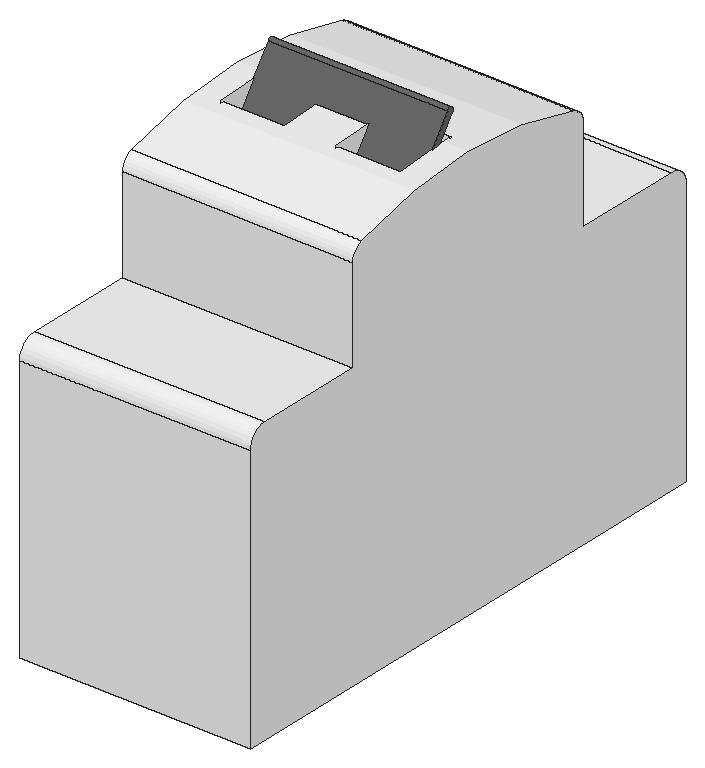
Revit family "Power-ModularDevices-GEWISS-90MCB-MT100_2P", category Apparecchi elettrici, host Superficie, Revit 2016 (continued)
Definition of nested family "MAGTER"
  Definition of nested family "MAGTER_BASE"
    Lines and regions (mm)
      detail lines, visible <- "BORDO ACCESO", not visible
        curve 4: line (-1.943, 4.208, 0) -> (-1.943, 9.208, 0)
        curve 5: line (-1.743, 9.008, 0) -> (1.657, 9.008, 0)
        curve 6: line (1.657, 9.008, 0) -> (1.657, 4.408, 0)
        curve 7: line (1.657, 4.408, 0) -> (-1.743, 4.408, 0)
        curve 8: line (-1.743, 4.408, 0) -> (-1.743, 9.008, 0)
      detail lines, not visible
        curve 9: line (-1.644, 2.848, 0) -> (1.644, 2.848, 0)
        curve 10: line (-1.644, 0.61, 0) -> (-1.644, 2.848, 0)
        curve 11: line (1.644, 0.61, 0) -> (-1.644, 0.61, 0)
        curve 12: line (1.644, 2.848, 0) -> (1.644, 0.61, 0)
        curve 13: line (-1.325, 0.987, 0) -> (1.325, 0.987, 0)
        curve 14: circle (0, 1.912, 0) r 0.5 normal (0, 0, 1)
        curve 15: circle (0, 1.912, 0) r 0.8 normal (0, 0, 1)
        curve 16: line (-1.325, 0.987, 0) -> (1.325, 0.987, 0)
        curve 17: line (-0.354, 2.265, 0) -> (0.354, 1.558, 0)
        curve 18: line (0.354, 2.265, 0) -> (-0.354, 1.558, 0)
        curve 19: circle (0, -4.588, 0) r 1 normal (0, 0, 1)
        curve 20: circle (0, -4.588, 0) r 0.749 normal (0, 0, 1)
        curve 21: line (0.53, -5.117, 0) -> (-0.53, -4.058, 0)
        curve 22: line (-0.53, -5.117, 0) -> (0.53, -4.058, 0)
        curve 23: circle (0, -6.992, 0) r 1 normal (0, 0, 1)
        curve 24: circle (0, -6.992, 0) r 0.749 normal (0, 0, 1)
        curve 25: circle (0, -8.992, 0) r 1 normal (0, 0, 1)
        curve 26: circle (0, -8.992, 0) r 0.749 normal (0, 0, 1)
        curve 27: circle (0, 2.508, 0) r 0.527 normal (0, 0, 1)
        curve 28: line (0, 2.809, 0) -> (0, 2.179, 0)
        curve 29: circle (0, 2.508, 0) r 0.394 normal (0, 0, 1)
        curve 30: line (0, 1.982, 0) -> (0, 1.691, 0)
        curve 31: line (-0.162, 1.691, 0) -> (0.162, 1.691, 0)
        curve 32: line (-0.162, 1.691, 0) -> (0, 1.41, 0)
        curve 33: line (0, 1.41, 0) -> (0.162, 1.691, 0)
        curve 34: line (-0.866, 3.093, 0) -> (0.866, 3.093, 0)
        curve 35: line (-0.866, 1.915, 0) -> (-0.866, 3.093, 0)
        curve 36: line (0.866, 1.915, 0) -> (-0.866, 1.915, 0)
        curve 37: line (0.866, 3.093, 0) -> (0.866, 1.915, 0)
        curve 38: line (-0.698, 2.113, 0) -> (0.698, 2.113, 0)
        curve 39: circle (0, 2.6, 0) r 0.263 normal (0, 0, 1)
        curve 40: circle (0, 2.6, 0) r 0.421 normal (0, 0, 1)
        curve 41: line (-0.698, 2.113, 0) -> (0.698, 2.113, 0)
        curve 42: line (-0.186, 2.786, 0) -> (0.186, 2.414, 0)
        curve 43: line (0.186, 2.786, 0) -> (-0.186, 2.414, 0)
        curve 44: circle (0, 2.508, 0) r 0.527 normal (0, 0, 1)
        curve 45: circle (0, 2.508, 0) r 0.394 normal (0, 0, 1)
        curve 46: line (0.279, 2.229, 0) -> (-0.279, 2.787, 0)
        curve 47: line (-0.279, 2.229, 0) -> (0.279, 2.787, 0)
        curve 48: circle (0, 3.035, 0) r 0.527 normal (0, 0, 1)
        curve 49: circle (0, 3.035, 0) r 0.394 normal (0, 0, 1)
        curve 50: circle (0, 1.982, 0) r 0.527 normal (0, 0, 1)
        curve 51: circle (0, 1.982, 0) r 0.394 normal (0, 0, 1)
        curve 52: line (7.117, 11.625, 0) -> (8, 12.528, 0)
        curve 53: line (7.117, 12.528, 0) -> (8, 11.625, 0)
        curve 54: line (4.688, 6.204, 0) -> (10.431, 6.204, 0)
        curve 55: line (10.431, 6.204, 0) -> (10.431, 0.331, 0)
        curve 56: line (10.431, 0.331, 0) -> (4.688, 0.331, 0)
        curve 57: line (4.688, 0.331, 0) -> (4.688, 6.204, 0)
        curve 58: line (4.688, 3.267, 0) -> (10.431, 3.267, 0)
        curve 59: line (5.351, 12.077, 0) -> (7.56, 7.332, 0)
        curve 60: line (7.56, 7.332, 0) -> (7.56, 6.204, 0)
        curve 61: line (7.56, 6.204, 0) -> (7.56, 5.525, 0)
        curve 62: line (7.56, 5.525, 0) -> (8.884, 5.525, 0)
        curve 63: line (8.884, 5.525, 0) -> (8.884, 3.944, 0)
        curve 64: line (8.884, 3.944, 0) -> (7.56, 3.944, 0)
        curve 65: line (7.56, 3.944, 0) -> (7.56, 3.267, 0)
        curve 66: line (7.56, 3.267, 0) -> (7.56, 2.362, 0)
        curve 67: line (7.56, 2.362, 0) -> (8.443, 2.362, 0)
        curve 68: line (8.443, 1.007, 0) -> (7.56, 1.007, 0)
        curve 69: line (7.56, 1.007, 0) -> (7.56, 0.331, 0)
        curve 70: line (5.651, 11.428, 0) -> (6.285, 10.069, 0)
        curve 71: line (6.285, 10.069, 0) -> (5.843, 9.843, 0)
        curve 72: line (5.843, 9.843, 0) -> (5.2, 11.2, 0)
        curve 73: line (5.2, 11.2, 0) -> (5.651, 11.428, 0)
        curve 74: line (5.651, 11.428, 0) -> (5.2, 11.2, 0)
        curve 75: line (5.2, 11.2, 0) -> (5.843, 9.843, 0)
        curve 76: line (5.843, 9.843, 0) -> (6.285, 10.069, 0)
        curve 77: line (6.285, 10.069, 0) -> (5.651, 11.428, 0)
        curve 78: line (5.651, 11.428, 0) -> (5.2, 11.2, 0)
        curve 79: line (5.2, 11.2, 0) -> (5.843, 9.843, 0)
        curve 80: line (5.843, 9.843, 0) -> (6.285, 10.069, 0)
        curve 81: line (6.285, 10.069, 0) -> (5.651, 11.428, 0)
        curve 82: line (5.651, 11.428, 0) -> (5.2, 11.2, 0)
        curve 83: line (5.2, 11.2, 0) -> (5.843, 9.843, 0)
        curve 84: line (5.843, 9.843, 0) -> (6.285, 10.069, 0)
        curve 85: line (4.688, 0.331, 0) -> (10.431, 0.331, 0)
        curve 86: line (10.431, 0.331, 0) -> (10.431, -2.606, 0)
        curve 87: line (10.431, -2.606, 0) -> (4.688, -2.606, 0)
        curve 88: line (4.688, -2.606, 0) -> (4.688, 0.331, 0)
        curve 89: line (7.56, -6.718, 0) -> (7.56, -2.606, 0)
        curve 90: line (7.56, 12.075, 0) -> (7.56, 16.775, 0)
        curve 91: arc (8.443, 2.362, 0) -> (9.12, 1.685, 0) -> (8.443, 1.007, 0) r 0.677
        curve 108: line (-1.483, 1.007, 0) -> (-1.663, 1.007, 0)
        curve 109: line (-1.483, 0.807, 0) -> (-1.483, 1.007, 0)
        curve 110: line (-1.663, 0.807, 0) -> (-1.483, 0.807, 0)
        curve 111: line (-1.663, 1.007, 0) -> (-1.663, 0.807, 0)
        curve 115: arc (1.499, 0.957, 0) -> (1.599, 1.057, 0) -> (1.499, 1.157, 0) r 0.1
        curve 116: line (1.499, 1.157, 0) -> (1.499, 0.957, 0)
      detail lines
        curve 92: line (-0.347, 1.332, 0) -> (0.346, 1.332, 0)
        curve 93: line (0.346, 1.332, 0) -> (0.346, 0.623, 0)
        curve 94: line (0.346, 0.623, 0) -> (-0.347, 0.623, 0)
        curve 95: line (-0.347, 0.623, 0) -> (-0.347, 1.332, 0)
        curve 96: line (-0.347, 0.977, 0) -> (0.346, 0.977, 0)
        curve 97: line (-0.267, 2.041, 0) -> (0, 1.468, 0)
        curve 98: line (0, 1.25, 0) -> (0.16, 1.25, 0)
        curve 99: line (0.16, 1.25, 0) -> (0.16, 1.059, 0)
        curve 100: line (0.16, 1.059, 0) -> (0, 1.059, 0)
        curve 101: line (-0.347, 0.623, 0) -> (0.346, 0.623, 0)
        curve 102: line (0, 0.207, 0) -> (0, 0.707, 0)
        curve 103: line (0, 2.041, 0) -> (0, 2.241, 0)
        curve 104: line (0, 0.897, 0) -> (0.189, 0.897, 0)
        curve 105: line (0.191, 0.707, 0) -> (0, 0.707, 0)
        curve 106: line (-0.071, 1.97, 0) -> (0.068, 2.114, 0)
        curve 107: line (-0.071, 2.114, 0) -> (0.068, 1.97, 0)
        curve 112: line (0, 1.25, 0) -> (0, 1.468, 0)
        curve 113: line (0, 0.897, 0) -> (0, 1.059, 0)
        curve 114: arc (0.191, 0.707, 0) -> (0.26, 0.803, 0) -> (0.189, 0.897, 0) r 0.1
Types (33, lengths in mm): name | URL | Technical sheet | Rated current: | Rated current (In) | Produttore | Modello | IDT | EAN code | Descrizione | Curve | Breaking capacity EN 60947-2 400V (Icu) | Breaking capacity EN 60947-2 230V (Icu)
  (no name) | 0 | "" | "" | "" | 0 | 0 | "" | "" | 0 | "" | "" | ""
  GW92645 - MCB 2P C6 10KA 2M | "https://www.gewiss.com/ww/en" | "https://www.gewiss.com/ww/en/search?q=GW92645" | "6A" | "6A" | "GEWISS S.p.A." | "GW92645" | "57982fc8-2b9f-403f-8785-55ec0412e65f" | "8011564058361" | "MCB 2P C6 10KA 2M" | "C" | "20KA" | "30KA"
  GW92646 - MCB 2P C10 10KA 2M | "https://www.gewiss.com/ww/en" | "https://www.gewiss.com/ww/en/search?q=GW92646" | "10A" | "10A" | "GEWISS S.p.A." | "GW92646" | "15974dc2-0500-42fa-b202-796f7ec264aa" | "8011564058378" | "MCB 2P C10 10KA 2M" | "C" | "20KA" | "30KA"
  GW92654 - MCB 2P C13 10KA 2M | "https://www.gewiss.com/ww/en" | "https://www.gewiss.com/ww/en/search?q=GW92654" | "13A" | "13A" | "GEWISS S.p.A." | "GW92654" | "bcbf3e32-2df5-4c79-a85e-dcc184510efe" | "8011564225473" | "MCB 2P C13 10KA 2M" | "C" | "20KA" | "30KA"
  GW92647 - MCB 2P C16 10KA 2M | "https://www.gewiss.com/ww/en" | "https://www.gewiss.com/ww/en/search?q=GW92647" | "16A" | "16A" | "GEWISS S.p.A." | "GW92647" | "a666d8eb-8d09-4e6d-8108-82e0092ebc48" | "8011564058385" | "MCB 2P C16 10KA 2M" | "C" | "20KA" | "30KA"
  GW92648 - MCB 2P C20 10KA 2M | "https://www.gewiss.com/ww/en" | "https://www.gewiss.com/ww/en/search?q=GW92648" | "20A" | "20A" | "GEWISS S.p.A." | "GW92648" | "f28da186-cc76-46ef-a583-be45abda8c1b" | "8011564058392" | "MCB 2P C20 10KA 2M" | "C" | "20KA" | "30KA"
  GW92649 - MCB 2P C25 10KA 2M | "https://www.gewiss.com/ww/en" | "https://www.gewiss.com/ww/en/search?q=GW92649" | "25A" | "25A" | "GEWISS S.p.A." | "GW92649" | "2d79de95-0b6c-4ee2-aa4d-4e3ed843f36b" | "8011564058408" | "MCB 2P C25 10KA 2M" | "C" | "20KA" | "30KA"
  GW92650 - MCB 2P C32 10KA 2M | "https://www.gewiss.com/ww/en" | "https://www.gewiss.com/ww/en/search?q=GW92650" | "32A" | "32A" | "GEWISS S.p.A." | "GW92650" | "b6621697-32df-40f8-bd88-e047aeb70b16" | "8011564058415" | "MCB 2P C32 10KA 2M" | "C" | "15KA" | "25KA"
  GW92651 - MCB 2P C40 10KA 2M | "https://www.gewiss.com/ww/en" | "https://www.gewiss.com/ww/en/search?q=GW92651" | "40A" | "40A" | "GEWISS S.p.A." | "GW92651" | "841cdebe-7f9c-4174-a031-a5c1f2a14feb" | "8011564058422" | "MCB 2P C40 10KA 2M" | "C" | "15KA" | "25KA"
  GW92652 - MCB 2P C50 10KA 2M | "https://www.gewiss.com/ww/en" | "https://www.gewiss.com/ww/en/search?q=GW92652" | "50A" | "50A" | "GEWISS S.p.A." | "GW92652" | "6c76a19a-94fe-46c7-9730-a6c79ed5c305" | "8011564058439" | "MCB 2P C50 10KA 2M" | "C" | "15KA" | "25KA"
  GW92653 - MCB 2P C63 10KA 2M | "https://www.gewiss.com/ww/en" | "https://www.gewiss.com/ww/en/search?q=GW92653" | "63A" | "63A" | "GEWISS S.p.A." | "GW92653" | "f9cc336f-0e59-42b5-8b1e-521e1586a3e3" | "8011564058446" | "MCB 2P C63 10KA 2M" | "C" | "15KA" | "25KA"
  GW92545 - MCB 2P B6 10KA 2M | "https://www.gewiss.com/ww/en" | "https://www.gewiss.com/ww/en/search?q=GW92545" | "6A" | "6A" | "GEWISS S.p.A." | "GW92545" | "f032bf22-a6d0-4ff0-bd8f-fb9b58a893bd" | "8011564222410" | "MCB 2P B6 10KA 2M" | "B" | "20KA" | "30KA"
  GW92546 - MCB 2P B10 10KA 2M | "https://www.gewiss.com/ww/en" | "https://www.gewiss.com/ww/en/search?q=GW92546" | "10A" | "10A" | "GEWISS S.p.A." | "GW92546" | "08a49a6b-a29e-4d4b-80d0-5d0dec21d30a" | "8011564222427" | "MCB 2P B10 10KA 2M" | "B" | "20KA" | "30KA"
  GW92547 - MCB 2P B13 10KA 2M | "https://www.gewiss.com/ww/en" | "https://www.gewiss.com/ww/en/search?q=GW92547" | "13A" | "13A" | "GEWISS S.p.A." | "GW92547" | "09f142b6-fadb-4090-a99b-516971a1d97c" | "8011564222434" | "MCB 2P B13 10KA 2M" | "B" | "20KA" | "30KA"
  GW92548 - MCB 2P B16 10KA 2M | "https://www.gewiss.com/ww/en" | "https://www.gewiss.com/ww/en/search?q=GW92548" | "16A" | "16A" | "GEWISS S.p.A." | "GW92548" | "c2ede0bf-a419-4c7f-b39c-0f139e6483ce" | "8011564222441" | "MCB 2P B16 10KA 2M" | "B" | "20KA" | "30KA"
  GW92549 - MCB 2P B20 10KA 2M | "https://www.gewiss.com/ww/en" | "https://www.gewiss.com/ww/en/search?q=GW92549" | "20A" | "20A" | "GEWISS S.p.A." | "GW92549" | "bc4e8d07-d6a5-4d8d-8427-29a423ee54b7" | "8011564222458" | "MCB 2P B20 10KA 2M" | "B" | "20KA" | "30KA"
  GW92550 - MCB 2P B25 10KA 2M | "https://www.gewiss.com/ww/en" | "https://www.gewiss.com/ww/en/search?q=GW92550" | "25A" | "25A" | "GEWISS S.p.A." | "GW92550" | "bdc22af5-633d-447b-9970-43ce00604235" | "8011564222465" | "MCB 2P B25 10KA 2M" | "B" | "20KA" | "30KA"
  GW92551 - MCB 2P B32 10KA 2M | "https://www.gewiss.com/ww/en" | "https://www.gewiss.com/ww/en/search?q=GW92551" | "32A" | "32A" | "GEWISS S.p.A." | "GW92551" | "22f35621-a2ec-4f40-a94f-c6bc4de7e2b0" | "8011564222472" | "MCB 2P B32 10KA 2M" | "B" | "15KA" | "25KA"
  GW92552 - MCB 2P B40 10KA 2M | "https://www.gewiss.com/ww/en" | "https://www.gewiss.com/ww/en/search?q=GW92552" | "40A" | "40A" | "GEWISS S.p.A." | "GW92552" | "2d96934f-ee34-4279-8d08-dee39f7c13d2" | "8011564222489" | "MCB 2P B40 10KA 2M" | "B" | "15KA" | "25KA"
  GW92553 - MCB 2P B50 10KA 2M | "https://www.gewiss.com/ww/en" | "https://www.gewiss.com/ww/en/search?q=GW92553" | "50A" | "50A" | "GEWISS S.p.A." | "GW92553" | "c23eb6bc-8caf-46bd-9a82-ffa6c1c26787" | "8011564222496" | "MCB 2P B50 10KA 2M" | "B" | "15KA" | "25KA"
  GW92554 - MCB 2P B63 10KA 2M | "https://www.gewiss.com/ww/en" | "https://www.gewiss.com/ww/en/search?q=GW92554" | "63A" | "63A" | "GEWISS S.p.A." | "GW92554" | "60cb3516-033d-455a-91f9-2aa8735c1fcb" | "8011564222502" | "MCB 2P B63 10KA 2M" | "B" | "15KA" | "25KA"
  GW92741 - MCB 2P D1 10KA 2M | "https://www.gewiss.com/ww/en" | "https://www.gewiss.com/ww/en/search?q=GW92741" | "1A" | "1A" | "GEWISS S.p.A." | "GW92741" | "dd0f2cd3-d3c4-4c57-abe0-280aff9dc4b5" | "8011564131453" | "MCB 2P D1 10KA 2M" | "D" | "20KA" | "30KA"
  GW92742 - MCB 2P D2 10KA 2M | "https://www.gewiss.com/ww/en" | "https://www.gewiss.com/ww/en/search?q=GW92742" | "2A" | "2A" | "GEWISS S.p.A." | "GW92742" | "1c7cdcfb-b3b7-4ffe-9bb9-9e969b733699" | "8011564131460" | "MCB 2P D2 10KA 2M" | "D" | "20KA" | "30KA"
  GW92743 - MCB 2P D3 10KA 2M | "https://www.gewiss.com/ww/en" | "https://www.gewiss.com/ww/en/search?q=GW92743" | "3A" | "3A" | "GEWISS S.p.A." | "GW92743" | "5659594e-ebb9-4e63-aa9c-494c51a438ac" | "8011564131484" | "MCB 2P D3 10KA 2M" | "D" | "20KA" | "30KA"
  GW92744 - MCB 2P D4 10KA 2M | "https://www.gewiss.com/ww/en" | "https://www.gewiss.com/ww/en/search?q=GW92744" | "4A" | "4A" | "GEWISS S.p.A." | "GW92744" | "299c8100-700d-4277-93e1-22ce416598d9" | "8011564131491" | "MCB 2P D4 10KA 2M" | "D" | "20KA" | "30KA"
  GW92745 - MCB 2P D6 10KA 2M | "https://www.gewiss.com/ww/en" | "https://www.gewiss.com/ww/en/search?q=GW92745" | "6A" | "6A" | "GEWISS S.p.A." | "GW92745" | "0245edf3-b1fa-4a92-bef8-914aa3cd713d" | "8011564058705" | "MCB 2P D6 10KA 2M" | "D" | "20KA" | "30KA"
  GW92746 - MCB 2P D10 10KA 2M | "https://www.gewiss.com/ww/en" | "https://www.gewiss.com/ww/en/search?q=GW92746" | "10A" | "10A" | "GEWISS S.p.A." | "GW92746" | "e7cfe844-301d-4d99-b7b7-bbcfb5d6c32e" | "8011564058712" | "MCB 2P D10 10KA 2M" | "D" | "20KA" | "30KA"
  GW92754 - MCB 2P D13 10KA 2M | "https://www.gewiss.com/ww/en" | "https://www.gewiss.com/ww/en/search?q=GW92754" | "13A" | "13A" | "GEWISS S.p.A." | "GW92754" | "31c722a8-5080-4331-a803-fcf7328b02f0" | "8011564225510" | "MCB 2P D13 10KA 2M" | "D" | "20KA" | "30KA"
  GW92747 - MCB 2P D16 10KA 2M | "https://www.gewiss.com/ww/en" | "https://www.gewiss.com/ww/en/search?q=GW92747" | "16A" | "16A" | "GEWISS S.p.A." | "GW92747" | "e2463ab7-d6a5-4969-bafb-36bbca4915ef" | "8011564058729" | "MCB 2P D16 10KA 2M" | "D" | "20KA" | "30KA"
  GW92748 - MCB 2P D20 10KA 2M | "https://www.gewiss.com/ww/en" | "https://www.gewiss.com/ww/en/search?q=GW92748" | "20A" | "20A" | "GEWISS S.p.A." | "GW92748" | "2682ccd4-198f-4f25-985a-da976e167dd8" | "8011564058736" | "MCB 2P D20 10KA 2M" | "D" | "20KA" | "30KA"
  GW92749 - MCB 2P D25 10KA 2M | "https://www.gewiss.com/ww/en" | "https://www.gewiss.com/ww/en/search?q=GW92749" | "25A" | "25A" | "GEWISS S.p.A." | "GW92749" | "076259e0-9786-45c0-b09d-205e6f977864" | "8011564058743" | "MCB 2P D25 10KA 2M" | "D" | "20KA" | "30KA"
  GW92750 - MCB 2P D32 10KA 2M | "https://www.gewiss.com/ww/en" | "https://www.gewiss.com/ww/en/search?q=GW92750" | "32A" | "32A" | "GEWISS S.p.A." | "GW92750" | "e23f85c3-af35-4f3b-8a30-f7e2c21c929f" | "8011564058750" | "MCB 2P D32 10KA 2M" | "D" | "15KA" | "25KA"
  GW92751 - MCB 2P D40 10KA 2M | "https://www.gewiss.com/ww/en" | "https://www.gewiss.com/ww/en/search?q=GW92751" | "40A" | "40A" | "GEWISS S.p.A." | "GW92751" | "bd79e6b0-1d71-48fe-90f9-03d1426c8577" | "8011564058767" | "MCB 2P D40 10KA 2M" | "D" | "15KA" | "25KA"
